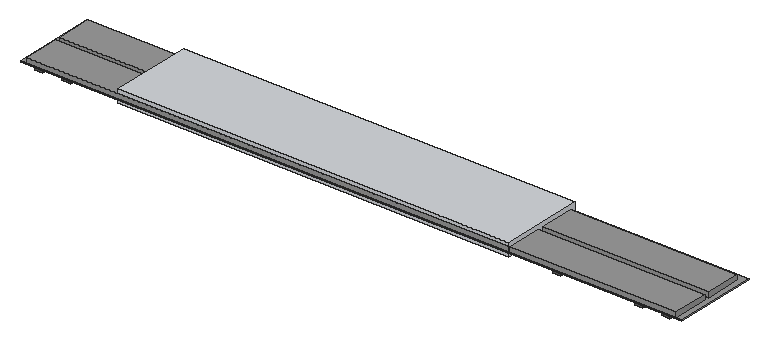
Revit family "2116-2, Veneer", category Generic Models, host Face, Revit 2020
Family settings
  Host = Face
  Can host rebar = No
  Round Connector Dimension = Use Diameter
  Part Type = Normal
  Cut with Voids When Loaded = No
  Shared = No
  Room Calculation Point = No
Parameters
  min_value [instance] = 1' - 11 1/4"  # constant formula
  max_value [instance] = 9' - 11 1/4"  # constant formula
  actual_value [instance] = if(NET LENGTH < min_value, min_value, if(NET LENGTH > max_value, max_value, NET LENGTH))  # 7' - 11 1/4"
  SCRIM MATERIAL [instance] = SCRIM
  SCRIM [instance] = yes
  NET LENGTH [instance] = 7' - 11 1/4"
  Default Elevation = 4' - 0"
  BACKER MATERIAL [instance] = BLACK-BACKERS
  .. MEMBER WIDTH [instance] = 0' - 5 1/4"  # constant formula
  .. MEMBER MATERIAL [instance] = Veneer Cherry
  .. MEMBER LENGTH [instance] = actual_value  # 7' - 11 1/4"
  .. MEMBER DEPTH [instance] = 0' - 0 3/4"  # constant formula
  .. MEMBER COUNT [instance] = 2  # constant formula
  IMPORTANT NOTE!!!                                                                             *Backer layout is for visualization purposes only, final layout to be determined by 9Wood. [instance] = ""
Reference planes (in)
  plane 1 "Center (Front/Back)": y = 0
  plane 2: z = 1.82209
  plane 3 "Center (Left/Right)": x = 0
Forms (in)
  Extrusion 1, solid
    sketch origin (132, -33.80483, 0) x (1, 0, 0) y (0, 1, 0)
      loop
        line (-118.625, 33.80483) -> (-61.26146, 33.80483) -> (-61.26146, 45.86733) -> (-118.625, 45.86733) -> (-118.625, 33.80483)
    from 1.82209 to 0
Dimensions and locks (in)
  aligned and locked: Extrusion 1 to plane 2
  aligned and locked: plane 3 "Center (Left/Right)" to nested 1
Nested families (in)
  nested 1: "1100 SERIES CONFIG" at (0, 2, 0), .. MEMBER DEPTH <- ".. MEMBER DEPTH", .. MEMBER LENGTH <- ".. MEMBER LENGTH", .. MEMBER WIDTH <- ".. MEMBER WIDTH", .. MEMBER MATERIAL <- ".. MEMBER MATERIAL", BACKING M MATERIAL <- "BACKER MATERIAL", SCRIM  MATERIAL <- "SCRIM MATERIAL", .. MEMBER COUNT <- ".. MEMBER COUNT", SCRIM <- "SCRIM", type "1100 SERIES CONFIG"
    with X 7' - 8", SCRIM OVERHANG 2 0' - 0 3/32", SCRIM OVERHANG 0' - 0 7/8", SCRIM LENGTH 8' - 1", SCRIM  MATERIAL SCRIM, SCRIM yes, NOMINAL LENGTH 7, N 8, Inset 6' - 0 3/8", INSET 0' - 1", INDEX 0' - 5 5/8", HALF MEMBER WIDTH 0' - 2 5/8", HALF LENGTH 3' - 11 5/8", END BACKER yes, BACKING M WIDTH 0' - 1 1/4", BACKING M OC SPACING 1' - 0", BACKING M MATERIAL BLACK-BACKERS, BACKING M LENGTH 0' - 11 7/8", BACKING M DEPTH 0' - 0 1/2", BACKING M COUNT 8, 3/16" INSET 0' - 0 3/16", .. MEMBER WIDTH 0' - 5 1/4", .. MEMBER OC SPACING 0' - 6", .. MEMBER MATERIAL Veneer Cherry, .. MEMBER LENGTH 7' - 11 1/4", .. MEMBER DEPTH 0' - 0 3/4", .. MEMBER COUNT 2
Definition of nested family "1100 SERIES CONFIG"
  Parameters (values of type "1100 SERIES CONFIG")
    X [instance] = .. MEMBER LENGTH - 0' 3 1/4"  # 5' - 5"
    SCRIM OVERHANG 2 [instance] = 0' - 0 3/32"  # constant formula
    SCRIM OVERHANG [instance] = 0' - 0 7/8"  # constant formula
    SCRIM LENGTH [instance] = .. MEMBER LENGTH + (SCRIM OVERHANG * 2)  # 5' - 10"
    SCRIM  MATERIAL [instance] = none
    SCRIM [instance] = yes
    NOMINAL LENGTH [instance] = 7
    N [instance] = if((X - (rounddown(X / 1' 0") * 1' 0")) > 1' 0", rounddown(X / 1' 0") + 2, rounddown(X / 1' 0") + 1)  # 6
    Inset [instance] = 6' - 0 3/8"  # constant formula
    INSET [instance] = 0' - 1"  # constant formula
    END BACKER [instance] = INDEX > 0' 3 5/8"  # yes
    INDEX [instance] = (.. MEMBER LENGTH - ((N - 1) * 1' 0")) / 2  # 0' - 4 1/8"
    HALF MEMBER WIDTH [instance] = .. MEMBER WIDTH / 2  # 0' - 0 5/16"
    HALF LENGTH [instance] = .. MEMBER LENGTH / 2  # 2' - 10 1/8"
    Default Elevation = 0' - 0"
    BACKING M WIDTH [instance] = 0' - 1 1/4"
    BACKING M SPACING = 3' - 3"
    BACKING M MATERIAL [instance] = none
    BACKING M LENGTH [instance] = 0' - 11 7/8"
    BACKING M DEPTH [instance] = 0' - 0 1/2"
    BACKING M COUNT [instance] = N  # 6
    BACKING M OC SPACING [instance] = 1' - 0"  # constant formula
    3/16" INSET [instance] = 0' - 0 3/16"  # constant formula
    .. MEMBER WIDTH [instance] = 0' - 0 5/8"
    .. MEMBER OC SPACING [instance] = 1' 0" / .. MEMBER COUNT  # 0' - 4"
    .. MEMBER MATERIAL [instance] = none
    .. MEMBER LENGTH [instance] = 5' - 8 1/4"
    .. MEMBER DEPTH [instance] = 0' - 1 3/8"
    .. MEMBER COUNT [instance] = 3
  Reference planes (in)
    plane 1 "Center (Front/Back)": y = -2
    plane 2: z = 0
    plane 3 "Center (Left/Right)": x = 0
    plane 4: x = 1
    plane 5: x = 4.125
    plane 6: x = 34.125
    plane 7: x = 68.25
    plane 8: x = 67.25
    plane 9: x = 16.125
    plane 10: y = -1.8125
    plane 11: y = -1.6875
    plane 12: y = 2.3125
    plane 13: x = 69.125
    plane 14: x = -0.875
    plane 15: z = 0.5
    plane 16: z = 0.5625
    plane 17: y = 10.0625
    plane 18: y = 10.15625
    plane 19: y = -2.09375
  Dimensions and locks (in)
    "INSET": plane 3 "Center (Left/Right)" to plane 4
    "INDEX": plane 3 "Center (Left/Right)" to plane 5
    "HALF LENGTH": plane 3 "Center (Left/Right)" to plane 6
    ".. MEMBER LENGTH": plane 3 "Center (Left/Right)" to plane 7
    "INSET": plane 8 to plane 7
    equal spacing: group 2, group 3, group 6, group 7, group 8, group 9  (x3)
    "3/16" INSET": plane 1 "Center (Front/Back)" to plane 10
    ".. MEMBER OC SPACING": plane 12 to plane 11
    "SCRIM OVERHANG": plane 14 to plane 3 "Center (Left/Right)"
    "SCRIM OVERHANG": plane 7 to plane 13
    equal spacing: group 1, group 4, group 5  (x2)
    equal spacing: group 5, group 4, group 1
    "HALF MEMBER WIDTH": plane 1 "Center (Front/Back)" to plane 11
    "BACKING M OC SPACING": plane 5 to plane 9
    "SCRIM OVERHANG 2": plane 18 to plane 17
    "SCRIM OVERHANG 2": plane 19 to plane 1 "Center (Front/Back)"
    aligned and locked: level to plane 2
    aligned and locked: plane 6 to nested 1
    aligned and locked: nested 2 to plane 4
    aligned and locked: plane 5 to nested 3
    aligned and locked: plane 1 "Center (Front/Back)" to nested 1
    aligned and locked: nested 2 to plane 10
    aligned and locked: nested 3 to plane 10
    aligned and locked: nested 5 to plane 10
    aligned and locked: nested 4 to plane 10
    aligned and locked: nested 6 to plane 14
    aligned and locked: plane 12 to nested 7
    aligned and locked: nested 7 to plane 3 "Center (Left/Right)"
    aligned and locked: plane 9 to nested 5
    aligned and locked: plane 8 to nested 4
    aligned and locked: plane 15 to nested 2
    aligned and locked: nested 6 to plane 15
    aligned and locked: nested 1 to plane 16
    aligned and locked: nested 7 to plane 16
    aligned and locked: nested 6 to plane 19
  Nested families (in)
    nested 1: "INSTANCE - Parametric Cube" at (34.125, -1.6875, 1.9375), Length <- ".. MEMBER WIDTH", Height <- ".. MEMBER DEPTH", Width <- ".. MEMBER LENGTH", Material <- ".. MEMBER MATERIAL", type "INSTANCE - Parametric Cube"
      with Width 5' - 8 1/4", Material none, Length 0' - 0 5/8", Height 0' - 1 3/8"
    nested 2: "2ND INSTANCE - Parametric Cube" at (1.625, 4.125, 0), Height <- "BACKING M DEPTH", Length <- "BACKING M LENGTH", Width <- "BACKING M WIDTH", Material <- "BACKING M MATERIAL", visible <- "END BACKER", type "2ND INSTANCE - Parametric Cube"
      with Width 0' - 1 1/4", Material none, Length 0' - 11 7/8", Height 0' - 0 1/2"
    nested 3: "2ND INSTANCE - Parametric Cube" at (4.125, 4.125, 0), Length <- "BACKING M LENGTH", Height <- "BACKING M DEPTH", Width <- "BACKING M WIDTH", Material <- "BACKING M MATERIAL", type "2ND INSTANCE - Parametric Cube"
      with Width 0' - 1 1/4", Material none, Length 0' - 11 7/8", Height 0' - 0 1/2"
    nested 4: "2ND INSTANCE - Parametric Cube" at (66.625, 4.125, 0), Width <- "BACKING M WIDTH", Length <- "BACKING M LENGTH", Height <- "BACKING M DEPTH", Material <- "BACKING M MATERIAL", visible <- "END BACKER", type "2ND INSTANCE - Parametric Cube"
      with Width 0' - 1 1/4", Material none, Length 0' - 11 7/8", Height 0' - 0 1/2"
    nested 5: "2ND INSTANCE - Parametric Cube" at (16.125, 4.125, 0), Length <- "BACKING M LENGTH", Height <- "BACKING M DEPTH", Width <- "BACKING M WIDTH", Material <- "BACKING M MATERIAL", type "2ND INSTANCE - Parametric Cube"
      with Width 0' - 1 1/4", Material none, Length 0' - 11 7/8", Height 0' - 0 1/2"
    nested 6: "3RD INSTANCE - Parametric Cube" at (34.125, 4.0445, 0.5), Width <- "SCRIM LENGTH", Material <- "SCRIM  MATERIAL", visible <- "SCRIM", type "3RD INSTANCE - Parametric Cube"
      with Width 5' - 10", Material none, Length 1' - 0.27649", Height 0' - 0 1/16"
    nested 7: "INSTANCE - Parametric Cube" at (34.125, 2.3125, 1.9375), Length <- ".. MEMBER WIDTH", Height <- ".. MEMBER DEPTH", Width <- ".. MEMBER LENGTH", Material <- ".. MEMBER MATERIAL", type "INSTANCE - Parametric Cube"
      with Width 5' - 8 1/4", Material none, Length 0' - 0 5/8", Height 0' - 1 3/8"
    nested 8: "INSTANCE - Parametric Cube" at (34.125, 6.3125, 1.9375), Length <- ".. MEMBER WIDTH", Height <- ".. MEMBER DEPTH", Width <- ".. MEMBER LENGTH", Material <- ".. MEMBER MATERIAL", type "INSTANCE - Parametric Cube"
      with Width 5' - 8 1/4", Material none, Length 0' - 0 5/8", Height 0' - 1 3/8"
    nested 9: "2ND INSTANCE - Parametric Cube" at (28.125, 4.125, 0), Length <- "BACKING M LENGTH", Height <- "BACKING M DEPTH", Width <- "BACKING M WIDTH", Material <- "BACKING M MATERIAL", type "2ND INSTANCE - Parametric Cube"
      with Width 0' - 1 1/4", Material none, Length 0' - 11 7/8", Height 0' - 0 1/2"
    nested 10: "2ND INSTANCE - Parametric Cube" at (40.125, 4.125, 0), Length <- "BACKING M LENGTH", Height <- "BACKING M DEPTH", Width <- "BACKING M WIDTH", Material <- "BACKING M MATERIAL", type "2ND INSTANCE - Parametric Cube"
      with Width 0' - 1 1/4", Material none, Length 0' - 11 7/8", Height 0' - 0 1/2"
    nested 11: "2ND INSTANCE - Parametric Cube" at (52.125, 4.125, 0), Length <- "BACKING M LENGTH", Height <- "BACKING M DEPTH", Width <- "BACKING M WIDTH", Material <- "BACKING M MATERIAL", type "2ND INSTANCE - Parametric Cube"
      with Width 0' - 1 1/4", Material none, Length 0' - 11 7/8", Height 0' - 0 1/2"
    nested 12: "2ND INSTANCE - Parametric Cube" at (64.125, 4.125, 0), Length <- "BACKING M LENGTH", Height <- "BACKING M DEPTH", Width <- "BACKING M WIDTH", Material <- "BACKING M MATERIAL", type "2ND INSTANCE - Parametric Cube"
      with Width 0' - 1 1/4", Material none, Length 0' - 11 7/8", Height 0' - 0 1/2"
  Definition of nested family "INSTANCE - Parametric Cube"
    Parameters (values of type "INSTANCE - Parametric Cube")
      Width [instance] = 0' - 6"
      Material [instance] = none
      Length [instance] = 1' - 0"
      Height [instance] = 1' - 6"
      Default Elevation = 0' - 0"
    Reference planes (in)
      plane 1 "Center (Front/Back)": y = 0
      plane 2: z = 0
      plane 3 "Center (Left/Right)": x = 0
      plane 4: x = -3
      plane 5: x = 3
      plane 6: y = 6
      plane 7: y = -6
      plane 8: z = -18
    Forms (in)
      Extrusion 1, solid, material <- "Material"
        sketch origin (0, 0, 0) x (1, 0, 0) y (0, 1, 0)
          loop
            line (-3, 6) -> (-3, -6) -> (3, -6) -> (3, 6) -> (-3, 6)
        from -18 to 0
    Dimensions and locks (in)
      equal spacing: plane 4, plane 3 "Center (Left/Right)", plane 5
      equal spacing: plane 6, plane 1 "Center (Front/Back)", plane 7
      "Length": plane 6 to plane 7
      "Width": plane 4 to plane 5
      "Height": plane 8 to level
      aligned and locked: plane 2 to level
      aligned and locked: Extrusion 1 sketch curve to plane 6
      aligned and locked: plane 4 to Extrusion 1 sketch curve
      aligned and locked: plane 7 to Extrusion 1 sketch curve
      aligned and locked: Extrusion 1 sketch curve to plane 5
      aligned and locked: Extrusion 1 to plane 8
  Definition of nested family "2ND INSTANCE - Parametric Cube"
    Parameters (values of type "2ND INSTANCE - Parametric Cube")
      Width [instance] = 0' - 6"
      Material [instance] = none
      Length [instance] = 1' - 0"
      Height [instance] = 1' - 6"
      Default Elevation = 0' - 0"
    Reference planes (in)
      plane 1 "Center (Front/Back)": y = 0
      plane 2: z = 0
      plane 3 "Center (Left/Right)": x = 0
      plane 4: x = -3
      plane 5: x = 3
      plane 6: y = 6
      plane 7: y = -6
      plane 8: z = 18
    Forms (in)
      Extrusion 1, solid, material <- "Material"
        sketch origin (0, 0, 0) x (1, 0, 0) y (0, 1, 0)
          loop
            line (-3, 6) -> (-3, -6) -> (3, -6) -> (3, 6) -> (-3, 6)
        from 0 to 18
    Dimensions and locks (in)
      equal spacing: plane 4, plane 3 "Center (Left/Right)", plane 5
      equal spacing: plane 6, plane 1 "Center (Front/Back)", plane 7
      "Length": plane 6 to plane 7
      "Width": plane 4 to plane 5
      "Height": level to plane 8
      aligned and locked: plane 2 to level
      aligned and locked: Extrusion 1 sketch curve to plane 6
      aligned and locked: plane 4 to Extrusion 1 sketch curve
      aligned and locked: plane 7 to Extrusion 1 sketch curve
      aligned and locked: Extrusion 1 sketch curve to plane 5
      aligned and locked: plane 8 to Extrusion 1
      aligned and locked: Extrusion 1 to level
  Definition of nested family "3RD INSTANCE - Parametric Cube"
    Parameters (values of type "3RD INSTANCE - Parametric Cube")
      Width [instance] = 0' - 6"
      Material [instance] = none
      Length [instance] = 1' - 0"
      Height [instance] = 1' - 6"
      Default Elevation = 0' - 0"
    Reference planes (in)
      plane 1 "Center (Front/Back)": y = 0
      plane 2: z = 0
      plane 3 "Center (Left/Right)": x = 0
      plane 4: x = -3
      plane 5: x = 3
      plane 6: y = 6
      plane 7: y = -6
      plane 8: z = 18
    Forms (in)
      Extrusion 1, solid, material <- "Material"
        sketch origin (0, 0, 0) x (1, 0, 0) y (0, 1, 0)
          loop
            line (-3, 6) -> (-3, -6) -> (3, -6) -> (3, 6) -> (-3, 6)
        from 0 to 18
    Dimensions and locks (in)
      equal spacing: plane 4, plane 3 "Center (Left/Right)", plane 5
      equal spacing: plane 6, plane 1 "Center (Front/Back)", plane 7
      "Length": plane 6 to plane 7
      "Width": plane 4 to plane 5
      "Height": level to plane 8
      aligned and locked: plane 2 to level
      aligned and locked: Extrusion 1 sketch curve to plane 6
      aligned and locked: plane 4 to Extrusion 1 sketch curve
      aligned and locked: plane 7 to Extrusion 1 sketch curve
      aligned and locked: Extrusion 1 sketch curve to plane 5
      aligned and locked: plane 8 to Extrusion 1
      aligned and locked: Extrusion 1 to level
